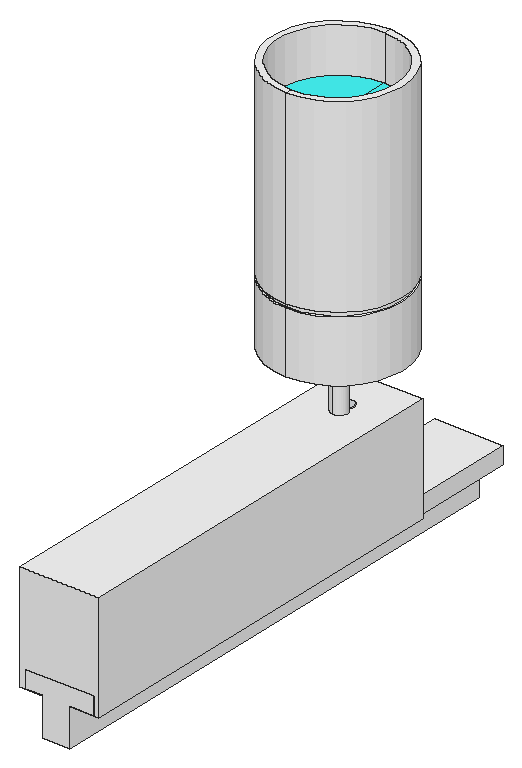
Revit family "Lighting_Ceiling-Mounted_Reggiani_EVO-75mm-Precision", category Modelli generici, host Superficie, Revit 2016
Family settings
  Host = Superficie
  Tipo di parte = Normale
  Può ospitare armatura = No
  Quota connettore circolare = Usa diametro
  Taglio con vuoti quando caricato = No
  Condiviso = No
  Punto di calcolo locali = No
Parameters (values of type "Reggiani EVO- Ø 75mm - Precision-mod.LH83K")
  rotation light [instance] = 90.00°
  body = Reggiani Alluminio  white
  Youtube clip = ""
  Weight Net (Kg) = "0.95"
  Uniformat II Description = ""
  Uniformat II Code = ""
  Uniclass 2015 Name = "Lighting tracks"
  Uniclass 2015 Code = "Pr_70_70_48_47"
  Uniclass 2.0 Description = "Lighting Tracks"
  Uniclass 2.0 Code = "PR-70-50-46"
  Uniclass 1.4 Description = "Lighting track"
  Uniclass 1.4 Code = "L747363"
  URL = "http://www.reggiani.net/yori-system/famiglia/yori-evo-box"
  UNSPSC Code = "3911"
  Technical description = "http://www.reggiani.net/wp-content/plugins/icon-catalog/icon-catalog-assets/1/3/gen_file_20/Reggiani_Yori Brochure_Mains Voltage (10).pdf"
  Rotation oriz = 90.00°
  Region South America = "None"
  Region Oceania = "None"
  Region North America = "AG, AI, AW, BB, BL, BM, BQ, BS, BZ, CA, CR, CU, CW, DM, DO, GD, GL, GP, GT, HN, HT, JM, KN, KY, LC, MF, MQ, MS, MX, NI, PA, PM, PR, SV, SX, TC, TT, US, VC, VG, VI"
  Region Middle East = "None"
  Region Europe = "AD, AL, AT, AX, BA, BE, BG, BY, CH, CY, CZ, DE, DK, EE, ES, FI, FO, FR, GB, GG, GI, GR, HR, HU, IE, IM, IS, IT, JE, LI, LT, LU, LV, MC, MD, ME, MK, MT, NL, NO, PL, PT, RO, RS, RU, SE, SI, SJ, SK, SM, UA, VA"
  Region Asia = "None"
  Region Antarctica = "None"
  Region Africa = "None"
  QR code = "http://bimobject.com/reggiani/product/yori_evo_box_75-precision"
  Default Elevation = 1219.2 mm
  Produttore = "Reggiani Spa Illuminazione\r\nViale Monza 16, \r\n20845 Sovico (MB) Italia"
  Product url = "http://www.reggiani.net/yori-system/family/yori-evo-box"
  Product group = "Yori"
  Product family = "Track fixture"
  Product data url = "https://bimobject.com/reggiani/product/yori_evo_box_75-precision"
  Product certification = "http://www.reggiani.net/wp-content/plugins/icon-catalog/icon-catalog-assets/1/3/gen_file_17/CB_Yori%20Evo.pdf"
  Product SKU = "yori_evo_box_75-precision"
  Product Guid = "ad59c64b-53da-4d07-9e81-4ca23d643329"
  OmniClass Description = "Lighting Tracks"
  OmniClass Code = "23-35 47 21 17"
  Nominal width = 75 mm
  Nominal height = 125 mm
  NBS Reference Description = "Lighting Tracks"
  NBS Reference Code = "70-50-46"
  Modello = "Reggiani EVO- Ø 75mm - Precision-mod.LH83K"
  Material secondary = ""
  Material main = "Aluminium"
  Masterformat 2014 Description = ""
  Masterformat 2014 Code = ""
  Manufacturer name = "Reggiani"
  Manufacturer country = "Italy"
  Installation instructions = "http://www.reggiani.net/wp-content/plugins/icon-catalog/icon-catalog-assets/1/3/gen_file_8/I.M.%20Yori_Evo_Box.pdf"
  IFC Classification = "Light Fixture"
  GTIN code = ""
  Edition number = 1
  Design country = "Italy"
  Date of publishing = ""
  COBIe Type Category = ""
  Brand url = "http://www.reggiani.net/en/"
  BIMobject main category code = "lighting"
  BIMobject main category = "Lighting"
  BIMobject category code = "lighting-ceiling-mounted"
  BIMobject category = "Ceiling Mounted"
Types (4, lengths in mm): name | Modello
  Reggiani EVO- Ø 75mm - Precision-mod.LH83K | "Reggiani EVO- Ø 75mm - Precision-mod.LH83K"
  Reggiani EVO- Ø 75mm - Precision-mod.LH84K | "Reggiani EVO- Ø 75mm - Precision-mod.LH84K"
  Reggiani EVO- Ø 75mm - Precision-mod.LH86K | "Reggiani EVO- Ø 75mm - Precision-mod.LH86K"
  Reggiani EVO- Ø 75mm - Precision-mod.LH87K | "Reggiani EVO- Ø 75mm - Precision-mod.LH87K"
Reference planes
  plane 1 "Centro (Fronte/Retro)": y = 0
  plane 2: z = 0.044
  plane 3 "Centro (Sinistra/Destra)": x = -2.919
  plane 4: z = 81.402
Forms (mm)
  Extrusion 1, solid, material "Reggiani Alluminio  white" <- "body"
    sketch origin (0, 0, 0) x (1, 0, 0) y (0, 0, 1)
      loop
        line (-20.487, 49.762) -> (-20.487, 0.044) -> (16.013, 0.044) -> (16.013, 49.762) -> (-20.487, 49.762)
    from -20.106 to 167.395
  Extrusion 2, solid
    sketch origin (-2.919, 0, 0) x (0, 1, 0) y (-1, 0, 0)
      loop
        circle (0, 0) r 3.086
      loop
        circle (0.888, 1.753) r 0.865
    from 49.762 to 50.017
  Extrusion 3, solid, material "Reggiani Alluminio  white" <- "body"
    sketch origin (-2.919, 0, 81.402) x (0.559193, 0, 0.829038) y (-0.829038, 0, 0.559193)
      loop
        line (-69.28, -28.672) -> (-75.82, -33.084) -> (-71.495, -39.496) -> (-86.102, -49.349) -> (-79.069, -59.776) -> (-64.498, -49.948) -> (-58.259, -59.199) -> (-51.682, -54.762) -> (-69.28, -28.672)
    from -69.366 to 167.395
Lines and regions (mm)
  reference lines
    curve 1: line (-2.919, 0, 0) -> (-2.919, 13.672, 0)
Dimensions and locks
  locked: plane 4 to host face at 81.358
  locked: Extrusion 1 to host face at 49.718
  "Rotation oriz": angle plane 1 "Centro (Fronte/Retro)" to curve 1
  aligned and locked: plane 2 to host face
  aligned and locked: level to host face
  aligned and locked: plane 1 "Centro (Fronte/Retro)" to curve 1
  aligned and locked: plane 3 "Centro (Sinistra/Destra)" to curve 1
  aligned and locked: Extrusion 2 to Extrusion 1
Automatic sketch dimensions
  host sketch curve to host sketch curve = 138.228 mm
  host sketch curve to host sketch curve = 109.922 mm
  level to Extrusion 1 sketch curve = 0.044 mm
  Extrusion 1 sketch curve to plane 3 "Centro (Sinistra/Destra)" = 17.567 mm
  plane 3 "Centro (Sinistra/Destra)" to Extrusion 1 sketch curve = 18.933 mm
  plane 4 to Extrusion 1 sketch curve = 31.64 mm
  Extrusion 2 sketch curve to curve 1 = 0 mm  (x2)
  curve 1 to Extrusion 2 sketch curve = 0.888 mm
  curve 1 to Extrusion 2 sketch curve = 1.753 mm
  Extrusion 3 sketch curve to plane 2 = 0 mm  (x2)
  Extrusion 3 sketch curve to level = 0 mm
  Extrusion 3 sketch curve to plane 3 "Centro (Sinistra/Destra)" = 7.236 mm
  Extrusion 3 sketch curve to level = 17.576 mm
  Extrusion 3 sketch curve to Extrusion 3 sketch curve = 7.033 mm
  Extrusion 3 sketch curve to Extrusion 3 sketch curve = 4.325 mm
  Extrusion 3 sketch curve to Extrusion 3 sketch curve = 6.541 mm
  Extrusion 3 sketch curve to Extrusion 3 sketch curve = 6.24 mm
  radius of Extrusion 2 sketch curve = 3.086 mm
  radius of Extrusion 2 sketch curve = 0.865 mm
Nested families
  nested 1: "Yori evo- frame 1" at (-2.6, -2.081, 50.017) x (0, 1, 0) z (0, 0, 1), rotation light <- "rotation light", Body white <- "body", type "Yori evo- frame 1"
    with rotation light 90.00°, Body white Reggiani Alluminio  white
  nested 2: "Famiglia1" at (-2.6, -6.029, 174.133) x (-1, 0, 0) z (0, 0, 1), type "Famiglia1"
Connectors
  electrical at (-3.866, -49.014, -17.576)
    settings: on Extrusion 3, index 1, voltage 0 V, apparent load 0 VA, apparent load phase1 0 VA, apparent load phase2 0 VA, apparent load phase3 0 VA, power factor 1, load classification "Altro", number of poles 1, system type 31, power factor state 1, is connector primary yes, connector utility no, sub classification motor no, connector description ""
Definition of nested family "Yori evo- frame 1"
  Parameters (values of type "Yori evo- frame 1")
    rotation light [instance] = 90.00°
    Default Elevation = 1219.2 mm
    Lens = none
    Body white [instance] = none
  Reference planes
    plane 1 "Centro (Fronte/Retro)": y = 0
    plane 2: z = -1.258
    plane 3 "Centro (Sinistra/Destra)": x = -2.919
    plane 4: z = 48.946
  Forms (mm)
    Extrusion 1, solid
      sketch origin (-3.719, 0, 21.38) x (1, 0, 0) y (0, 1, 0)
        loop
          line (-1219.2, 1219.2) -> (-1219.2, -1219.2) -> (1219.2, -1219.2) -> (1219.2, 1219.2) -> (-1219.2, 1219.2)
      from -22.638 to -304.8
    Revolve 2, solid, material <- "Body white"
      sketch origin (-3.758, 0, 48.625) x (0, 0, 1) y (-1, 0, 0)
        loop
          line (96.338, 30.049) -> (8.887, 30.049) -> (8.887, 29.015) -> (6.887, 29.015) -> (6.887, 30.049) -> (-21.571, 30.049) -> (-21.571, 0.785) -> (-18.848, 0.785) -> (-18.848, 27.049) -> (96.338, 27.049) -> (96.338, 30.049)
        axis (96.338, 0) -> (-21.571, 0)
      angle from 0 to 360
    Extrusion 3, solid, material <- "Body white"
      sketch origin (0, 0, 21.38) x (1, 0, 0) y (0, 1, 0)
        loop
          circle (-2.919, 0) r 3.676
      from 25 to -22.638
    Revolve 4, solid, material <- "Lens"
      sketch origin (-3.145, 0, 58.952) x (0, 0, 1) y (-1, 0, 0)
        loop
          line (65.164, 26.778) -> (63.545, 26.778) -> (63.545, 1.103) -> (65.164, 1.103) -> (65.164, 26.778)
        axis (65.164, 0) -> (63.545, 0)
      angle from 0 to 360
  Lines and regions (mm)
    reference lines
      curve 1: line (-2.919, 0, 48.946) -> (-2.919, 0, 113.821)
  Dimensions and locks
    "rotation light": angle plane 4 to curve 1
    aligned and locked: plane 2 to Extrusion 1
    aligned and locked: plane 3 "Centro (Sinistra/Destra)" to curve 1
    aligned and locked: plane 4 to curve 1
  Automatic sketch dimensions
    Extrusion 1 sketch curve to Extrusion 1 sketch curve = 2438.4 mm  (x2)
    plane 1 "Centro (Fronte/Retro)" to Extrusion 3 sketch curve = 0 mm
    plane 3 "Centro (Sinistra/Destra)" to Extrusion 3 sketch curve = 0 mm
    curve 1 to Revolve 4 sketch curve = 8.676 mm
    Revolve 4 sketch curve to Revolve 4 sketch curve = 1.619 mm
    Revolve 4 sketch curve to curve 1 = 1.329 mm
    curve 1 to Revolve 4 sketch curve = 27.004 mm
    Revolve 4 sketch curve to curve 1 = 0.226 mm
    curve 1 to Revolve 4 sketch curve = 5.104 mm
    Revolve 4 sketch curve to Revolve 4 sketch curve = 2.37 mm
    Revolve 2 sketch curve to curve 1 = 1.624 mm
    Revolve 2 sketch curve to curve 1 = 21.892 mm
    Revolve 2 sketch curve to Revolve 2 sketch curve = 2.722 mm
    curve 1 to Revolve 2 sketch curve = 6.566 mm
    Revolve 2 sketch curve to Revolve 2 sketch curve = 2 mm
    Revolve 2 sketch curve to curve 1 = 27.888 mm
    curve 1 to Revolve 2 sketch curve = 29.854 mm
    Revolve 2 sketch curve to Revolve 2 sketch curve = 3 mm
    curve 1 to Revolve 2 sketch curve = 0.731 mm
    Revolve 2 sketch curve to curve 1 = 0.839 mm
    Revolve 2 sketch curve to Revolve 2 sketch curve = 9.099 mm
    curve 1 to Revolve 2 sketch curve = 31.142 mm
    Revolve 2 sketch curve to Revolve 2 sketch curve = 1.034 mm
    radius of Extrusion 3 sketch curve = 3.676 mm
Definition of nested family "Famiglia1"
  Parameters (values of type "Famiglia1")
    Wattage = 9.2903 W
    Dimming Lamp Color Temperature Shift = (empty or 0)
    built-in parameter 1150107 = 3200 (stored number, unit not read)
    Default Elevation = 1219.2 mm
    built-in parameter 1150110 = 1 (stored number, unit not read)
    built-in parameter 1150109 = 1 (stored number, unit not read)
    built-in parameter 1114218 = 1 (stored number, unit not read)
    built-in parameter 1150112 = 1 (stored number, unit not read)
    built-in parameter 1150137 = (empty or 0)
    built-in parameter 1150132 = (empty or 0)
    built-in parameter 1150105 = 109.82 (stored number, unit not read)
    built-in parameter 1150102 = (empty or 0)
    built-in parameter 1150106 = 1.0982 (stored number, unit not read)
    Lumens = 1380 lm
    Color Filter = 16777215
    Photometric Web File = "BG03B_NN_12,5W_9D.ies"
    built-in parameter 1114217 = 1 (stored number, unit not read)
    built-in parameter 1150139 = (empty or 0)
    built-in parameter 1150104 = 13.8 (stored number, unit not read)
    built-in parameter 1150115 = 1 (stored number, unit not read)
    built-in parameter 1150114 = 1 (stored number, unit not read)
    built-in parameter 1150113 = 1 (stored number, unit not read)
    built-in parameter 1150134 = 3
    built-in parameter 1150138 = (empty or 0)
    Tilt Angle = 90.00°
    built-in parameter 1150133 = 10 (stored number, unit not read)
  Reference planes
    plane 1 "Centro (Fronte/Retro)": y = 0
    plane 2: z = 0
    plane 3 "Centro (Sinistra/Destra)": x = 0
  Forms (mm)
    Extrusion 1, solid
      sketch origin (0, 0, 0) x (1, 0, 0) y (0, 1, 0)
        loop
          line (-1219.2, 1219.2) -> (-1219.2, -1219.2) -> (1219.2, -1219.2) -> (1219.2, 1219.2) -> (-1219.2, 1219.2)
      from 0 to -304.8
  Dimensions and locks
    aligned and locked: plane 2 to Extrusion 1
    aligned and locked: level to Extrusion 1
